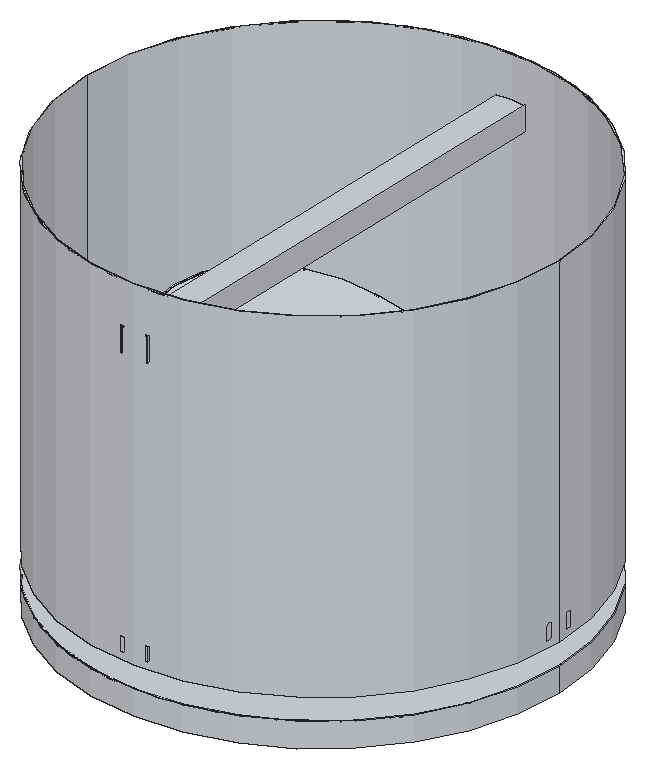
Revit family "I-200-C", category Mechanical Equipment, Revit 2015
Parameters
  X [instance] = (E / 2) / 11.4301  # 0' - 1.05807"
  URL = "https://unitedenertech.com/catalog/pdf/I-200%20Model%20(1).pdf"
  Type Comments = "Consult Factory For Max. Sizes"
  Radius 9 [instance] = Curb Cap / 2  # 1' - 5"
  Radius 8 [instance] = Radius 7 - 0' 0 3/64"  # 1' - 0 11/64"
  Radius 7 [instance] = Radius 1 + 0' 0 1/8"  # 1' - 0 7/32"
  Radius 6 [instance] = Radius 5 - 0' 0 3/64"  # 1' - 4 61/64"
  Radius 5 [instance] = A / 2  # 1' - 5"
  Radius 4 [instance] = Radius 2 + 0' 1 1/2"  # 1' - 1 41/64"
  Radius 3 [instance] = Radius 2 + 0' 0 3/64"  # 1' - 0 3/16"
  Radius 2 [instance] = Radius 1 + 0' 0 3/64"  # 1' - 0 9/64"
  Radius 10 [instance] = Radius 9 - 0' 0 3/64"  # 1' - 4 61/64"
  Radius 1 [instance] = E / 2  # 1' - 0 3/32"
  Model = "I-200-C"
  Manufacturer = "United Enertech Corporation"
  Keynote = "See Chart on Submittal For A, B, C, D, E, and Curb Cap Values"
  E = 2' - 0 3/16"
  Description = "Curb Cap Weather Resistant Vertical Discharge BDD Cap"
  D = 0' - 1 3/4"
  Curb Cap = 2' - 10"
  C = 2' - 0"
  B = 2' - 2"
  Ang [instance] = 4.764°
  A = 2' - 10"
Reference planes (in)
  plane 1 "Center (Front/Back)": y = 0
  plane 2: z = 0
  plane 3 "Center (Left/Right)": x = 0
  plane 4: x = -12.09375
  plane 5: x = 12.09375
  plane 6: x = -17
  plane 7: x = 17
  plane 8: x = -1
  plane 9: x = 1
  plane 10: z = 1.5
  plane 11: z = 9.5
  plane 12: z = 27.5
  plane 13: z = 10.55807
  plane 14: x = -12.14155
  plane 15: x = 12.14155
  plane 16: z = 8.80807
  plane 17: z = 3.5
  plane 18: z = 4.5
  plane 19: z = 24.5
  plane 20: z = 22.75
  plane 21: z = 3
  plane 22: z = 1.4522
  plane 23: z = -0.2978
  plane 24: x = -17
  plane 25: x = 17
Forms (in)
  Extrusion 1, solid
    sketch origin (0, 0, 0) x (1, 0, 0) y (0, 1, 0)
      loop
        circle (0, 0) r 12.09375
      loop
        circle (0, 0) r 12.14063
    from 1.5 to 10.55807
  Extrusion 2, void
    sketch origin (0, 0, 0) x (1, 0, 0) y (0, 0, 1)
      loop
        line (0, 10.55807) -> (-139.248, 10.55807) -> (-139.248, -1.04681) -> (0, 10.55807)
    from -154.07309 to 154.13631
  Extrusion 3, void
    sketch origin (0, 0, 0) x (-1, 0, 0) y (0, 0, -1)
      loop
        line (0, -10.55807) -> (-139.248, 1.04681) -> (-139.248, -10.55807) -> (0, -10.55807)
    from -154.07309 to 154.13631
  Extrusion 4, solid
    sketch origin (0, 0, 0) x (1, 0, 0) y (0, 0, 1)
      loop
        line (-1, 10.55807) -> (-1, 8.80807) -> (1, 8.80807) -> (1, 10.55807) -> (0.91, 10.55807) -> (0.91, 8.89807) -> (-0.91, 8.89807) -> (-0.91, 10.55807) -> (-1, 10.55807)
    from -39.23194 to 37.46824
  Extrusion 5, void
    sketch origin (0, 0, 0) x (1, 0, 0) y (0, 1, 0)
      loop
        circle (0, 0) r 41
      loop
        circle (0, 0) r 12.09375
    from 7.25562 to 17.58607
  Extrusion 6, solid
    sketch origin (0, 0, 0) x (1, 0, 0) y (0, 1, 0)
      loop
        circle (0, 0) r 16.95313
      loop
        circle (0, 0) r 17
    from 3 to 27.5
  Extrusion 7, solid
    sketch origin (0, 0, 0) x (1, 0, 0) y (0, 0, 1)
      loop
        line (-1, 3.5) -> (1, 3.5) -> (1, 4.5) -> (-1, 4.5) -> (-1, 3.5)
    from -38.58277 to 37.46824
  Extrusion 8, solid
    sketch origin (0, 0, 0) x (0, -1, 0) y (0, 0, -1)
      loop
        line (-1, -3.5) -> (-1, -4.5) -> (1, -4.5) -> (1, -3.5) -> (-1, -3.5)
    from -39.35038 to 37.46824
  Extrusion 9, void
    sketch origin (0, 0, 0) x (1, 0, 0) y (0, 1, 0)
      loop
        circle (0, 0) r 16.95313
      loop
        circle (0, 0) r 51
    from -6.02638 to 32.93416
  Extrusion 10, void
    sketch origin (0, 0, 0) x (1, 0, 0) y (0, 1, 0)
      loop
        circle (0, 0) r 12.14063
    from -9.27309 to 17.58607
  Extrusion 11, solid
    sketch origin (0, 0, 0) x (1, 0, 0) y (0, 0, 1)
      loop
        line (-1, 22.75) -> (-0.91, 22.75) -> (-0.91, 24.41) -> (0.91, 24.41) -> (0.91, 22.75) -> (1, 22.75) -> (1, 24.5) -> (-1, 24.5) -> (-1, 22.75)
    from -39.4975 to 41.16123
  Extrusion 12, void
    sketch origin (0, 0, 0) x (1, 0, 0) y (0, 1, 0)
      loop
        circle (0, 0) r 16.95313
      loop
        circle (0, 0) r 51
    from 46.99848 to 16.88432
  Extrusion 13, solid
    sketch origin (-5.40095, 0, 0.95951) x (0.866025, 0, -0.5) y (0, 1, 0)
      loop
        circle (0, 0) r 12.21875
    from 10.55807 to 10.60587
  Extrusion 14, solid
    sketch origin (-5.40095, 0, 0.95951) x (0.866025, 0, -0.5) y (0, 1, 0)
      loop
        circle (0, 0) r 12.21875
      loop
        circle (0, 0) r 12.17188
    from 9.55807 to 10.55807
  Extrusion 15, solid
    sketch origin (5.40095, 0, 0.95951) x (-0.866025, 0, -0.5) y (0, -1, 0)
      loop
        circle (0, 0) r 12.21875
    from 10.55807 to 10.60587
  Extrusion 16, solid
    sketch origin (5.40095, 0, 0.95951) x (-0.866025, 0, -0.5) y (0, -1, 0)
      loop
        circle (0, 0) r 12.21875
      loop
        circle (0, 0) r 12.17188
    from 9.55807 to 10.55807
  Extrusion 17, void
    sketch origin (0, 0, 0) x (1, 0, 0) y (0, 0, 1)
      loop
        line (-1, -10.7746) -> (164.89565, -10.7746) -> (164.89565, 141.2254) -> (-1, 141.2254) -> (-1, -10.7746)
    from -87.86752 to 126.64696
  Extrusion 18, void
    sketch origin (90, 0, 0) x (1, 0, 0) y (0, 0, 1)
      loop
        line (-262.06333, -10.7746) -> (-89, -10.7746) -> (-89, 141.2254) -> (-262.06333, 141.2254) -> (-262.06333, -10.7746)
    from -87.86752 to 126.64696
  Extrusion 19, solid
    sketch origin (0, 0, 0) x (1, 0, 0) y (0, 1, 0)
      loop
        circle (0, 0) r 16.95313
      loop
        circle (0, 0) r 17
    from -0.2978 to 1.4522
  Extrusion 20, solid
    sketch origin (0, 0, 0) x (1, 0, 0) y (0, 1, 0)
      loop
        circle (0, 0) r 17
      loop
        circle (0, 0) r 12.09375
    from 1.4522 to 1.5
Cuts and joins
  Extrusion 2, Extrusion 3 cuts Extrusion 1
  Extrusion 5 cuts Extrusion 4
  Extrusion 9, Extrusion 10 cuts Extrusion 8
  Extrusion 9, Extrusion 10 cuts Extrusion 7
  Extrusion 12 cuts Extrusion 11
  Extrusion 18 cuts Extrusion 16
  Extrusion 17 cuts Extrusion 14
  Extrusion 17 cuts Extrusion 13
  Extrusion 18 cuts Extrusion 15
Dimensions and locks (in)
  equal spacing: plane 4, plane 3 "Center (Left/Right)", plane 5
  "E": plane 4 to plane 5
  equal spacing: plane 6, plane 3 "Center (Left/Right)", plane 7
  "A": plane 6 to plane 7
  locked: plane 8 to plane 3 "Center (Left/Right)" at 1
  locked: plane 3 "Center (Left/Right)" to plane 9 at 1
  locked: plane 11 to plane 10 at 8
  "X": plane 13 to plane 11
  locked: plane 14 to plane 4 at 0.0478
  locked: plane 5 to plane 15 at 0.0478
  locked: plane 13 to plane 16 at 1.75
  locked: plane 12 to plane 19 at 3
  locked: plane 19 to plane 20 at 1.75
  locked: plane 21 to plane 10 at 1.5
  "B": plane 12 to plane 10
  locked: plane 10 to plane 22 at 0.0478
  "D": plane 22 to plane 23
  equal spacing: plane 24, plane 3 "Center (Left/Right)", plane 25
  "Curb Cap": plane 24 to plane 25
  "Radius 1": radius of Extrusion 1 sketch curve
  "Radius 2": radius of Extrusion 1 sketch curve
  "Radius 1": radius of Extrusion 5 sketch curve
  "Radius 5": radius of Extrusion 6 sketch curve
  "Radius 6": radius of Extrusion 6 sketch curve
  "Radius 6": radius of Extrusion 9 sketch curve
  "Radius 2": radius of Extrusion 10 sketch curve
  "Radius 6": radius of Extrusion 12 sketch curve
  "Radius 7": radius of Extrusion 13 sketch curve
  "Radius 7": radius of Extrusion 14 sketch curve
  "Radius 8": radius of Extrusion 14 sketch curve
  "Radius 7": radius of Extrusion 15 sketch curve
  "Radius 7": radius of Extrusion 16 sketch curve
  "Radius 8": radius of Extrusion 16 sketch curve
  "Radius 9": radius of Extrusion 19 sketch curve
  "Radius 10": radius of Extrusion 19 sketch curve
  "Radius 9": radius of Extrusion 20 sketch curve
  "Radius 1": radius of Extrusion 20 sketch curve
  "Ang": angle Extrusion 2 sketch curve to Extrusion 2 sketch curve
  "Ang": angle Extrusion 3 sketch curve to Extrusion 3 sketch curve
  aligned and locked: level to plane 2
  aligned and locked: plane 13 to cut or joined group of Extrusion 1, Extrusion 2, Extrusion 3
  aligned and locked: plane 12 to Extrusion 6
  aligned and locked: plane 18 to Extrusion 7 sketch curve
  aligned and locked: Extrusion 7 sketch curve to plane 17
  aligned and locked: plane 9 to Extrusion 7 sketch curve
  aligned and locked: plane 8 to Extrusion 7 sketch curve
  aligned and locked: Extrusion 17 to plane 8
  aligned and locked: plane 9 to Extrusion 18
  aligned and locked: Extrusion 6 to plane 21
  aligned and locked: Extrusion 1 to plane 10
  aligned and locked: plane 22 to Extrusion 19
  aligned and locked: Extrusion 19 to plane 23
  aligned and locked: plane 10 to Extrusion 20
  aligned and locked: Extrusion 20 to plane 22
Automatic sketch dimensions
  plane 8 to Extrusion 4 sketch curve = 0' - 0"
  Extrusion 4 sketch curve to plane 13 = 0' - 0"  (x2)
  Extrusion 4 sketch curve to plane 9 = 0' - 0"
  Extrusion 4 sketch curve to plane 16 = 0' - 0"
  Extrusion 4 sketch curve to plane 8 = 0' - 0.09"
  Extrusion 4 sketch curve to plane 9 = 0' - 0.09"
  plane 16 to Extrusion 4 sketch curve = 0' - 0.09"
  Extrusion 8 sketch curve to plane 18 = 0' - 0"
  Extrusion 8 sketch curve to plane 17 = 0' - 0"
  Extrusion 8 sketch curve to plane 1 "Center (Front/Back)" = 0' - 1"
  plane 1 "Center (Front/Back)" to Extrusion 8 sketch curve = 0' - 1"
  plane 8 to Extrusion 11 sketch curve = 0' - 0"
  Extrusion 11 sketch curve to plane 20 = 0' - 0"  (x2)
  Extrusion 11 sketch curve to plane 9 = 0' - 0"
  Extrusion 11 sketch curve to plane 19 = 0' - 0"
  Extrusion 11 sketch curve to plane 8 = 0' - 0.09"
  Extrusion 11 sketch curve to plane 9 = 0' - 0.09"
  Extrusion 11 sketch curve to plane 19 = 0' - 0.09"
  Extrusion 17 sketch curve to plane 8 = 0' - 0"
  Extrusion 17 sketch curve to plane 7 = 12' - 3.89565"
  Extrusion 17 sketch curve to plane 23 = 0' - 10.4768"
  plane 12 to Extrusion 17 sketch curve = 9' - 5.7254"
  Extrusion 18 sketch curve to plane 9 = 0' - 0"
  Extrusion 18 sketch curve to plane 23 = 0' - 10.4768"
  plane 6 to Extrusion 18 sketch curve = 12' - 11.06333"
  plane 12 to Extrusion 18 sketch curve = 9' - 5.7254"
  Extrusion 1 sketch curve to Extrusion 1 sketch curve = 0' - 0"  (x2)
  plane 1 "Center (Front/Back)" to Extrusion 1 sketch curve = 0' - 0"
  Extrusion 1 sketch curve to plane 3 "Center (Left/Right)" = 0' - 0"
  Extrusion 2 sketch curve to plane 13 = 0' - 0"
  Extrusion 2 sketch curve to plane 3 "Center (Left/Right)" = 0' - 0"
  Extrusion 2 sketch curve to plane 23 = 0' - 0.74901"
  Extrusion 3 sketch curve to plane 13 = 0' - 0"
  Extrusion 3 sketch curve to plane 3 "Center (Left/Right)" = 0' - 0"
  plane 23 to Extrusion 3 sketch curve = 0' - 0.74901"
  Extrusion 5 sketch curve to Extrusion 5 sketch curve = 0' - 0"  (x2)
  plane 1 "Center (Front/Back)" to Extrusion 5 sketch curve = 0' - 0"
  Extrusion 5 sketch curve to plane 3 "Center (Left/Right)" = 0' - 0"
  Extrusion 6 sketch curve to Extrusion 6 sketch curve = 0' - 0"  (x2)
  plane 1 "Center (Front/Back)" to Extrusion 6 sketch curve = 0' - 0"
  Extrusion 6 sketch curve to plane 3 "Center (Left/Right)" = 0' - 0"
  Extrusion 9 sketch curve to Extrusion 9 sketch curve = 0' - 0"  (x2)
  plane 1 "Center (Front/Back)" to Extrusion 9 sketch curve = 0' - 0"
  Extrusion 9 sketch curve to plane 3 "Center (Left/Right)" = 0' - 0"
  plane 1 "Center (Front/Back)" to Extrusion 10 sketch curve = 0' - 0"
  Extrusion 10 sketch curve to plane 3 "Center (Left/Right)" = 0' - 0"
  Extrusion 12 sketch curve to Extrusion 12 sketch curve = 0' - 0"  (x2)
  plane 1 "Center (Front/Back)" to Extrusion 12 sketch curve = 0' - 0"
  Extrusion 12 sketch curve to plane 3 "Center (Left/Right)" = 0' - 0"
  plane 1 "Center (Front/Back)" to Extrusion 13 sketch curve = 0' - 0"
  Extrusion 14 sketch curve to Extrusion 14 sketch curve = 0' - 0"  (x3)
  plane 1 "Center (Front/Back)" to Extrusion 14 sketch curve = 0' - 0"
  plane 1 "Center (Front/Back)" to Extrusion 15 sketch curve = 0' - 0"
  Extrusion 16 sketch curve to Extrusion 16 sketch curve = 0' - 0"  (x3)
  plane 1 "Center (Front/Back)" to Extrusion 16 sketch curve = 0' - 0"
  Extrusion 19 sketch curve to Extrusion 19 sketch curve = 0' - 0"  (x2)
  plane 1 "Center (Front/Back)" to Extrusion 19 sketch curve = 0' - 0"
  Extrusion 19 sketch curve to plane 3 "Center (Left/Right)" = 0' - 0"
  Extrusion 20 sketch curve to Extrusion 20 sketch curve = 0' - 0"  (x2)
  plane 1 "Center (Front/Back)" to Extrusion 20 sketch curve = 0' - 0"
  Extrusion 20 sketch curve to plane 3 "Center (Left/Right)" = 0' - 0"
  radius of Extrusion 5 sketch curve = 3' - 5"
  radius of Extrusion 9 sketch curve = 4' - 3"
  radius of Extrusion 12 sketch curve = 4' - 3"
